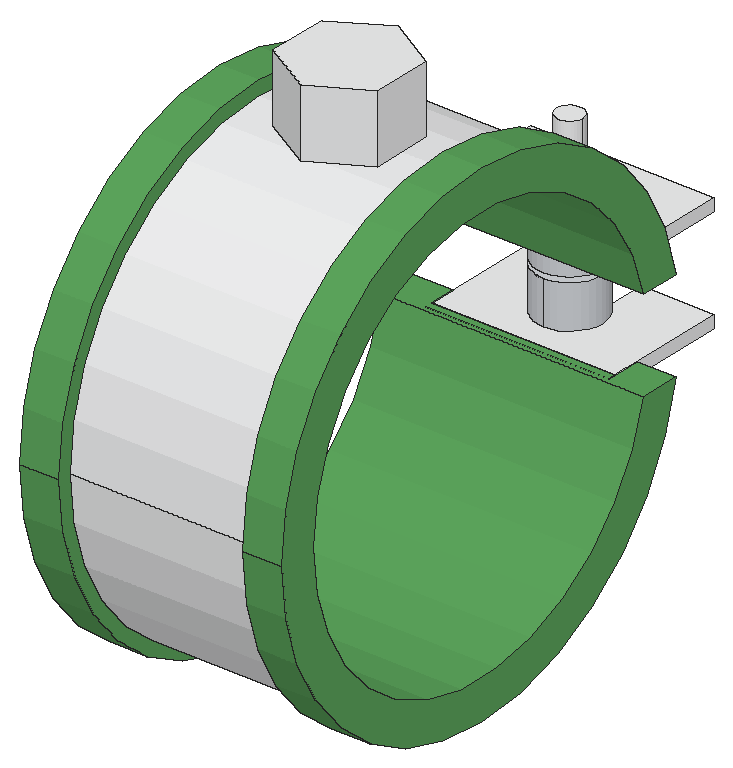
Revit family "Aquatherm_Крепежный хомут", category Соединительные детали трубопроводов, Revit 2019
Family settings
  Размер круглого соединителя = Использовать диаметр
  Тип детали = Соединение
  На основе рабочей плоскости = Нет
  Всегда вертикально = Да
  При загрузке вырезать с полостями = Нет
  Общий = Нет
Parameters
  Материал_Хомут = AquaTherm green pipe
  Материал_Крепление = AquaTherm металл pipe
  n [instance] = 7 mm  # constant formula
  m [instance] = 2 * sqrt((((D / 2) ^ 2) / 1 mm - ((n / 2 - l) ^ 2) / 1 mm) * 1 mm)  # 20.908 mm
  l [instance] = sqrt((((D / 2) ^ 2) / 1 mm - ((n / 2) ^ 2) / 1 mm) * 1 mm)  # 15.612 mm
  d [instance] = D + 4 mm  # 36 mm
  URL = "www.agpipe.ru"
  L [instance] = 20 mm  # constant formula
  D [instance] = 32 mm
  ADSK_Примечание = ""
  ADSK_Позиция [instance] = ""
  ADSK_Обозначение = ""
  ADSK_Наименование [instance] = size_lookup("Крепежный хомут", "ADSK_Наименование", "Нет в каталоге", D)  # "Крепежный хомут DN32"
  ADSK_Масса_Текст = ""
  ADSK_Код изделия [instance] = size_lookup("Крепежный хомут", "ADSK_Код изделия", "Нет в каталоге", D)  # "60532"
  ADSK_Завод-изготовитель = "Aquathem"  # constant formula
  ADSK_Единица измерения = "шт."  # constant formula
Reference planes
  plane 1 "По центру (Вперед/Назад)": y = 0
  plane 2: z = 0
  plane 3 "По центру (Влево/Вправо)": x = 0
  plane 4: x = -10
  plane 5: x = 10
  plane 6: z = 3.5
  plane 7: z = -3.5
  plane 8: y = -16
  plane 9: y = 16
  plane 10: x = -7
  plane 11: x = 7
  plane 12: z = 18
  plane 13: z = -18
Forms (mm)
  Sweep 1, solid, material "AquaTherm green pipe" <- "Материал_Хомут"
    path origin (0, 0, 0) x (0, 1, 0) y (0, 0, 1)
      loop
        circle (0, 0) r 16
    profile origin (0, 0, 16) x (0, 0, -1) y (1, 0, 0)
      loop
        line (0, 10) -> (-2.971, 10) -> (-2.971, 7) -> (-0.971, 7) -> (-0.971, -7) -> (-2.971, -7) -> (-2.971, -10) -> (0, -10) -> (0, 10)
  Sweep 2, solid, material "AquaTherm металл pipe" <- "Материал_Крепление"
    path origin (0, 0, 0) x (0, 1, 0) y (0, 0, 1)
      loop
        circle (0, 0) r 16
    profile origin (0, 0, 16) x (0, 0, -1) y (1, 0, 0)
      loop
        line (-0.971, 7) -> (-1.971, 7) -> (-1.971, -7) -> (-0.971, -7) -> (-0.971, 7)
  Extrusion 3, void
    sketch origin (0, 0, 0) x (0, 1, 0) y (0, 0, 1)
      loop
        line (0, 3.5) -> (0, -3.5) -> (25.96, -3.5) -> (25.96, 3.5) -> (0, 3.5)
    from -10 to 10
  Extrusion 4, solid, material "AquaTherm металл pipe" <- "Материал_Крепление"
    sketch origin (0, 0, 0) x (0, 1, 0) y (0, 0, 1)
      loop
        line (16, 3.5) -> (26, 3.5) -> (26, 4.5) -> (16, 4.5) -> (16, 3.5)
      loop
        line (16, -3.5) -> (16, -4.5) -> (26, -4.5) -> (26, -3.5) -> (16, -3.5)
    from -7 to 7
  Extrusion 5, void
    sketch origin (0, 0, 0) x (1, 0, 0) y (0, 1, 0)
      loop
        line (1.5, 26) -> (-1.5, 26) -> (-1.5, 21)
        arc (-1.5, 21) -> (0, 19.5) -> (1.5, 21) r 1.5
        line (1.5, 21) -> (1.5, 26)
    from -4.5 to 0
  Extrusion 6, solid
    sketch origin (0, 0, 0) x (1, 0, 0) y (0, 1, 0)
      loop
        circle (0, 21) r 2.5
    from 0.2 to 3.5
  Extrusion 7, solid
    sketch origin (0, 0, 0) x (0, -1, 0) y (1, 0, 0)
      loop
        circle (-21, 0) r 2.5
    from -3.5 to -0.2
  Extrusion 8, solid, material "AquaTherm металл pipe" <- "Материал_Крепление"
    sketch origin (0, 0, 0) x (1, 0, 0) y (0, 1, 0)
      loop
        circle (0, 21) r 1
    from 4.5 to 10
  Extrusion 9, solid, material "AquaTherm металл pipe" <- "Материал_Крепление"
    sketch origin (0, 0, 0) x (1, 0, 0) y (0, 1, 0)
      loop
        line (4, 2.309) -> (0, 4.619) -> (-4, 2.309) -> (-4, -2.309) -> (0, -4.619) -> (4, -2.309) -> (4, 2.309)
    from 18 to 23.159
Cuts and joins
  Extrusion 3 cuts Sweep 1
  Extrusion 5 cuts Extrusion 4
  Extrusion 3, Extrusion 5 cuts Sweep 2
Lines and regions (mm)
  reference lines
    curve 1: line (-1.5, 0, 0) -> (1.5, 0, 0)
  model lines
    curve 2: line (7, 17.627, 4.5) -> (-7, 17.627, 4.5)
Dimensions and locks
  equal spacing: plane 4, plane 3 "По центру (Влево/Вправо)", plane 5
  "L": plane 4 to plane 5
  equal spacing: plane 6, level, plane 7
  "n": plane 6 to plane 7
  locked: Sweep 1 sketch curve to plane 4 at 3
  locked: Sweep 1 sketch curve to plane 5 at 3
  locked: Sweep 1 sketch curve to profile plane at 0.971
  locked: Sweep 1 sketch curve to profile plane at 2.971
  locked: Sweep 2 sketch curve to profile plane at 0.971
  locked: Sweep 2 sketch curve to profile plane at 1.971
  locked: Sweep 2 sketch curve to plane 4 at 3
  locked: plane 5 to Sweep 2 sketch curve at 3
  equal spacing: plane 8, plane 1 "По центру (Вперед/Назад)", plane 9
  "D": plane 8 to plane 9
  locked: plane 9 to Extrusion 3 sketch curve at 9.96
  locked: plane 9 to Extrusion 4 sketch curve at 10
  locked: Extrusion 4 sketch curve to plane 6 at 1
  locked: plane 7 to Extrusion 4 sketch curve at 1
  locked: plane 4 to plane 10 at 3
  locked: plane 11 to plane 5 at 3
  equal spacing: Extrusion 5 sketch curve, plane 3 "По центру (Влево/Вправо)", Extrusion 5 sketch curve
  locked: Extrusion 5 sketch curve to Extrusion 5 sketch curve at 3
  locked: cut or joined group of Extrusion 4, Extrusion 5 to Extrusion 5 sketch curve at 5
  locked: Extrusion 6 sketch curve to plane 9 at 5
  equal spacing: Extrusion 6, level, Extrusion 7
  locked: Extrusion 6 to Extrusion 7 at 0.4
  locked: Extrusion 8 sketch curve to plane 9 at 5
  locked: Extrusion 8 to cut or joined group of Extrusion 4, Extrusion 5 at 5.5
  equal spacing: plane 12, level, plane 13
  "d": plane 12 to plane 13
  locked: Extrusion 9 to plane 12 at 5.159
  locked: cut or joined group of Extrusion 4, Extrusion 5 to curve 2 at 8.373
  "D": diameter of Sweep 1 sketch curve
  "D": diameter of Sweep 2 sketch curve
  aligned and locked: level to plane 2
  aligned and locked: profile plane to Sweep 1 sketch curve
  aligned and locked: plane 4 to Sweep 1 sketch curve
  aligned and locked: plane 5 to Sweep 1 sketch curve
  aligned and locked: Sweep 1 sketch curve to Sweep 1 sketch curve
  aligned and locked: Extrusion 3 sketch curve to plane 1 "По центру (Вперед/Назад)"
  aligned and locked: Extrusion 3 sketch curve to plane 6
  aligned and locked: plane 7 to Extrusion 3 sketch curve
  aligned and locked: plane 5 to Extrusion 3
  aligned and locked: Extrusion 3 to plane 4
  aligned and locked: plane 9 to Extrusion 4 sketch curve
  aligned and locked: plane 6 to Extrusion 4 sketch curve
  aligned and locked: Extrusion 4 sketch curve to plane 9
  aligned and locked: plane 7 to Extrusion 4 sketch curve
  aligned and locked: Extrusion 4 sketch curve to Extrusion 4 sketch curve
  aligned and locked: Extrusion 4 to plane 10
  aligned and locked: Extrusion 4 to plane 11
  aligned and locked: cut or joined group of Extrusion 4, Extrusion 5 to Extrusion 5 sketch curve
  aligned and locked: Extrusion 4 to Extrusion 5
  aligned and locked: level to Extrusion 5
  aligned and locked: Extrusion 7 to plane 7
  aligned and locked: Extrusion 8 to cut or joined group of Extrusion 4, Extrusion 5
  aligned and locked: Extrusion 9 to plane 12
  aligned and locked: curve 2 to cut or joined group of Extrusion 4, Extrusion 5  (x2)
Automatic sketch dimensions
  Extrusion 6 sketch curve to plane 3 "По центру (Влево/Вправо)" = 0 mm
  Extrusion 7 sketch curve to plane 3 "По центру (Влево/Вправо)" = 0 mm
  plane 9 to Extrusion 7 sketch curve = 5 mm
  Extrusion 8 sketch curve to plane 3 "По центру (Влево/Вправо)" = 0 mm
  plane 1 "По центру (Вперед/Назад)" to curve 1 = 0 mm
  curve 1 to plane 3 "По центру (Влево/Вправо)" = 1.5 mm
  plane 3 "По центру (Влево/Вправо)" to curve 1 = 1.5 mm
  Sweep 1 sketch curve to level = 0 mm
  Sweep 1 sketch curve to plane 1 "По центру (Вперед/Назад)" = 0 mm
  Sweep 2 sketch curve to level = 0 mm
  Sweep 2 sketch curve to plane 1 "По центру (Вперед/Назад)" = 0 mm
  radius of Extrusion 6 sketch curve = 2.5 mm
  radius of Extrusion 7 sketch curve = 2.5 mm
  radius of Extrusion 8 sketch curve = 1 mm
Connectors
  piping at (-1.5, 0, 0), diameter 32, driven by "D"
    settings: on curve 1, index 1, connector inside diameter 609.6 mm, connector length 0 mm, flow factor 0, pipe flow 0.0 L/s, pressure drop 0.0 Pa, fitting loss kfactor 0, connector angle 0.00°, fixture units 0, engagement length 0 mm, angle of deflection 0.00°, flow configuration 0, flow direction 0, fitting loss method 0, system type 28, joint type 0, gender type 0, connector reference index 2, connector utility 0, adjustable connector no, is connector primary yes, connector description ""
  piping at (1.5, 0, 0), diameter 32, driven by "D"
    settings: on curve 1, index 2, connector inside diameter 609.6 mm, connector length 0 mm, flow factor 0, pipe flow 0.0 L/s, pressure drop 0.0 Pa, fitting loss kfactor 0, connector angle 0.00°, fixture units 0, engagement length 0 mm, angle of deflection 0.00°, flow configuration 0, flow direction 0, fitting loss method 0, system type 28, joint type 0, gender type 0, connector reference index 1, connector utility 0, adjustable connector no, is connector primary no, connector description ""
